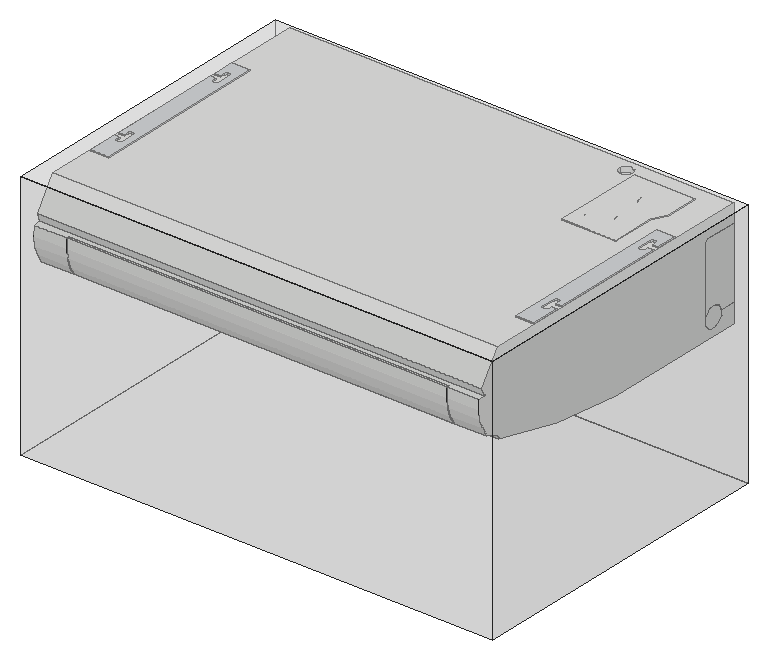
Revit family "outputfile", category 機械設備, Revit 2024
Family settings
  丸型コネクタ寸法 = 半径を使用
  パーツ タイプ = 標準
  OmniClass 番号 = 23.75.10.24.21.27.27
  OmniClass タイトル = Split System Air Conditioning Units
  作業面ベース = いいえ
  常に垂直 = はい
  ロード時にボイドで切り取り = いいえ
  注釈の向きを維持 = いいえ
  共有 = いいえ
  部屋計算ポイント = はい
Parameters (values of type "FHA60CAVMA")
  製造元 = "Daikin"
  書き出し IFC クラス(タイプ) = "IfcUnitaryEquipmentType"
  定義済み IFC タイプ(タイプ) = "AIRCONDITIONINGUNIT"
  モデル = "FHA60CAVMA"
  switch_frequency = yes
  r_Liquid Pipe Size = Liquid Pipe Size / 2  # 3.2 mm
  r_Gas Pipe Size = Gas Pipe Size / 2  # 6.35 mm
  r_Drain Pipe Size = Drain Pipe Size / 2  # 10.0 mm
  l_powersupply [instance] = if(Rear Right Connection_powersupply, 29.0 mm, 175.0 mm)  # 29.0 mm
  h_mountinghole = 2.0 mm
  connector_voltage = Voltage_50Hz  # 230 V
  connector_powerinput = [Power Input (Cooling)]  # 1.800 kW
  connector_phase = Phase_50Hz  # 1
  angle_vertical_powersupply [instance] = if(Rear Right Connection_powersupply, 90.00°, 180.00°)  # 90.00°
  angle_vertical_drainpipe [instance] = if(or(Left Connection_drainpipe, Right Connection_drainpipe), 90.00°, if(Top Connection_drainpipe, 180.00°, -90.00°))  # -90.00°
  angle_horizontal_powersupply [instance] = if(Rear Right Connection_powersupply, 180.00°, 0.00°)  # 180.00°
  angle_horizontal_drainpipe [instance] = if(Right Connection_drainpipe, 90.00°, if(Left Connection_drainpipe, -90.00°, 0.00°))  # 0.00°
  Voltage_comment_60Hz = "220-230"
  Voltage_comment_50Hz = "220-240"
  Voltage_60Hz = 220 V
  Voltage_50Hz = 230 V
  Total Heating Capacity [instance] = 0.000 kW
  Top Connection_refrigerant [instance] = no
  Top Connection_powersupply [instance] = not(Rear Right Connection_powersupply)  # no
  Right Connection_refrigerant [instance] = no
  Rear Right Connection_refrigerant [instance] = yes
  Power Input (Heating) = 2.090 kW
  Phase_60Hz = 1
  Phase_50Hz = 1
  Nominal Heating Capacity = 7.100 kW
  Material_Casing = DAIKIN_White_Casing_indoorunit
  lw_powersupply [instance] = if(Rear Right Connection_powersupply, 220.0 mm, 210.0 mm)  # 220.0 mm
  lw_mountinghole_pitch = Width - 40.0 mm  # 920.0 mm
  lw_mountinghole = 20.0 mm
  lw_liquidpipe [instance] = if(Right Connection_refrigerant, 156.0 mm, if(Top Connection_refrigerant, 156.0 mm, 136.0 mm))  # 136.0 mm
  lw_gaspipe = 105.0 mm
  lw_drainpipe [instance] = if(Top Connection_drainpipe, 102.0 mm, if(Width = 960.0 mm, if(or(Left Connection_drainpipe, Rear Left Connection_drainpipe), 884.0 mm, 83.0 mm), if(Width = 1270.0 mm, if(or(Left Connection_drainpipe, Rear Left Connection_drainpipe), 1194.0 mm, 83.0 mm), if(Width = 1590.0 mm, if(or(Left Connection_drainpipe, Rear Left Connection_drainpipe), 1514.0 mm, 83.0 mm), 83.0 mm))))  # 83.0 mm
  lh_powersupply = 175.0 mm
  lh_liquidpipe [instance] = if(Rear Right Connection_refrigerant, 160.0 mm, 131.0 mm)  # 160.0 mm
  lh_gaspipe [instance] = if(Rear Right Connection_refrigerant, 150.0 mm, 91.0 mm)  # 150.0 mm
  lh_drainpipe = 197.0 mm
  l_antena = 1.0 mm
  ld_powersupply = 30.0 mm
  ld_mountinghole_pitch = 260.0 mm
  ld_mountinghole = 210.0 mm
  ld_liquidpipe [instance] = if(Right Connection_refrigerant, 57.0 mm, if(Top Connection_refrigerant, 189.0 mm, 221.0 mm))  # 221.0 mm
  ld_gaspipe [instance] = if(Right Connection_refrigerant, 57.0 mm, if(Top Connection_refrigerant, 163.0 mm, 214.0 mm))  # 214.0 mm
  ld_drainpipe [instance] = if(or(Left Connection_drainpipe, Right Connection_drainpipe), 57.0 mm, if(Top Connection_drainpipe, 87.0 mm, 268.0 mm))  # 268.0 mm
  l_liquidpipe_length [instance] = if(Right Connection_refrigerant, 156.0 mm, if(Top Connection_refrigerant, 131.0 mm, 220.0 mm))  # 220.0 mm
  l_gaspipe_length [instance] = if(Right Connection_refrigerant, 105.0 mm, if(Top Connection_refrigerant, 91.0 mm, 213.0 mm))  # 213.0 mm
  l_drainpipe_length [instance] = if(Right Connection_drainpipe, 83.0 mm, if(Top Connection_drainpipe, 197.0 mm, if(Left Connection_drainpipe, 76.0 mm, 267.0 mm)))  # 267.0 mm
  h*** = 0.0 mm
  angle_vertical [instance] = if(Right Connection_refrigerant, 90.00°, if(Top Connection_refrigerant, 180.00°, -90.00°))  # -90.00°
  angle_horizontal [instance] = if(Right Connection_refrigerant, 90.00°, 0.00°)  # 0.00°
  Width = 960.0 mm
  Version = "ver.1.0"
  Unit Type = "Ceiling"
  Unit Mass Weight = 25.00 kg
  Unit Designation [instance] = ""
  Uniclass2015Version = "Products v1.30"
  Uniclass2015Title = "Split coil room air conditioning units"
  Uniclass2015Code = "Pr_70_65_03_86"
  Total Cooling Capacity [instance] = 0.000 kW
  Top Connection_drainpipe [instance] = no
  Sound Pressure Level_M speed (dBA) = 35
  Sound Pressure Level_L speed (dBA) = 32
  Sound Pressure Level_H speed (dBA) = 37
  Series = "SkyAir_Fan Coil Unit"
  Sensible Cooling Capacity [instance] = 0.000 kW
  Rear Right Connection_drainpipe [instance] = yes
  Rear Right Connection_powersupply [instance] = yes
  Right Connection_drainpipe [instance] = no
  Refrigerant Type = "R32"
  Power Input (Cooling) = 1.800 kW
  Option Accessory 3 [instance] = ""
  Option Accessory 2 [instance] = ""
  Option Accessory 1 [instance] = ""
  Nominal Cooling Capacity = 6.000 kW
  Minimum Airflow = 600.00 m³/h
  Median Airflow = 720.00 m³/h
  Maximum Airflow = 900.00 m³/h
  Load Classification = HVAC
  Liquid Pipe Size = 6.4 mm
  Link_Nested Family [instance] = ""
  Rear Left Connection_drainpipe [instance] = no
  Left Connection_drainpipe [instance] = no
  IfcVersion = ""
  IfcExportType = "AIRCONDITIONINGUNIT"
  IfcExportAs = "IfcUnitaryEquipmentType"
  Height = 235.0 mm
  Heating Entering Wet Bulb Temperature [instance] = -273.15 °C
  Heating Entering Dry Bulb Temperature [instance] = -273.15 °C
  Heating Ambient Wet Bulb Temperature [instance] = -273.15 °C
  Heating Ambient Dry Bulb Temperature [instance] = -273.15 °C
  Heat Exchanger Type = "Cross Fin Coil"
  Gas Pipe Size = 12.7 mm
  Frequency_60Hz = 60 Hz
  Frequency_50Hz = 50 Hz
  Fan Type = "Sirocco Fan"
  Fan Drive = "Direct Drive"
  FCU Tag No. [instance] = ""
  Drain Pipe Size = 20.0 mm
  Design Supply Airflow [instance] = 0.00 m³/h
  Design Outdoor Airflow [instance] = 0.00 m³/h
  Depth = 690.0 mm
  既定の高さ = 0.0 mm
  Cooling Entering Wet Bulb Temperature [instance] = 0.00 °C
  Cooling Entering Dry Bulb Temperature [instance] = 0.00 °C
  Cooling Ambient Wet Bulb Temperature [instance] = 0.00 °C
  Cooling Ambient Dry Bulb Temperature [instance] = 0.00 °C
  Clearance visibility [instance] = yes
  Clearance Top = 5.0 mm
  Clearance Right = 30.0 mm
  Clearance Rear = 0.0 mm
  Clearance Left = 30.0 mm
  Clearance Front = 0.0 mm
  Clearance Bottom = 300.0 mm
Reference planes
  plane 1 "Back": y = 0
  plane 2: z = 0
  plane 3 "Center (Left/Right)": x = 0
  plane 4 "Center (Front/Back)": y = -1
  plane 5 "Front": y = -690
  plane 6 "Left": x = -480
  plane 7 "Right": x = 480
  plane 8 "Top": z = 0
  plane 9 "Bottom": z = -235
  plane 10: y = -690
  plane 11: x = -510
  plane 12: x = 510
  plane 13: z = 5
  plane 14: z = -535
  plane 15: y = 0
  plane 16 "lw_mountinghole": x = -460
  plane 17 "lw_mountinghole2": x = 460
  plane 18 "ld_mountinghole": y = -210
  plane 19 "ld_mountinghole2": y = -470
  plane 20 "lw_gaspipe": x = 375
  plane 21 "ld_gaspipe": y = -214
  plane 22 "lh_gaspipe": z = -150
  plane 23 "lw_liquidpipe": x = 344
  plane 24 "ld_liquidpipe": y = -221
  plane 25 "lh_liquidpipe": z = -160
  plane 26 "ld_drainpipe": y = -268
  plane 27 "lw_drainpipe": x = 397
  plane 28 "lh_drainpipe": z = -197
  plane 29 "lw_powersupply": x = 260
  plane 30 "lh_powersupply": z = -175
  plane 31 "ld_powersupply": y = -30
  plane 32: x = -410.5
  plane 33: x = 410.5
  plane 34: x = -435
  plane 35: x = 435
  plane 36: x = -2
  plane 37: x = 2
Forms (mm)
  Extrusion 1, solid, material "DAIKIN_White_Casing_indoorunit" <- "Material_Casing"
    sketch origin (0, 0, 0) x (0, 1, 0) y (0, 0, 1)
      loop
        line (-639.277, 0) -> (-680.876, -61.699) -> (-675.026, -77.772)
        arc (-675.026, -77.772) -> (-681.815, -78.743) -> (-688.601, -79.732) r 2634.132
        arc (-688.601, -79.732) -> (-687.018, -121.096) -> (-669.159, -158.439) r 102.2
        line (-669.159, -158.439) -> (-639.858, -169.325) -> (-635.895, -178.261)
        arc (-635.895, -178.261) -> (-479.121, -215.759) -> (-319.077, -235) r 1400.997
        line (-319.077, -235) -> (-1, -235) -> (-1, 0) -> (-639.277, 0)
    from -480 to 480
  Extrusion 2, solid, material "DAIKIN_White_Casing_indoorunit" <- "Material_Casing"
    sketch origin (0, 0, 0) x (0, 1, 0) y (0, 0, 1)
      loop
        arc (-688.601, -79.732) -> (-687.018, -121.096) -> (-669.159, -158.439) r 102.2
        line (-669.159, -158.439) -> (-665.589, -154.869)
        arc (-665.589, -154.869) -> (-682.432, -118.783) -> (-683.39, -78.971) r 97.2
        arc (-683.39, -78.971) -> (-685.996, -79.351) -> (-688.601, -79.732) r 2634.132
    from -410.5 to 410.5
  Extrusion 3, void
    sketch origin (0, 0, 0) x (0, 1, 0) y (0, 0, 1)
      loop
        line (-301.098, -235) -> (-21.098, -235) -> (-21.098, -230) -> (-301.098, -230) -> (-301.098, -235)
    from -435 to 435
  Extrusion 4, solid, material "DAIKIN_White_Grille_indoorunit"
    sketch origin (0, 0, 0) x (0, 1, 0) y (0, 0, 1)
      loop
        line (-20.098, -230) -> (-301.098, -230) -> (-301.098, -235) -> (-20.098, -235) -> (-20.098, -230)
    from -435 to -2
  Extrusion 5, solid, material "DAIKIN_White_Casing_indoorunit" <- "Material_Casing"
    sketch origin (0, 0, 0) x (1, 0, 0) y (0, 0, 1)
      loop
        line (287, -63) -> (287, -178) -> (358, -220) -> (421, -220) -> (421, -63) -> (287, -63)
    from 0 to 1
  Extrusion 6, solid, material "DAIKIN_White_Casing_indoorunit" <- "Material_Casing"
    sketch origin (0, 0, 0) x (-1, 0, 0) y (0, -1, 0)
      loop
        line (-292, 35) -> (-292, 230) -> (-408, 230) -> (-408, 135) -> (-423, 105) -> (-423, 35) -> (-292, 35)
    from 0 to 1.9
  Extrusion 7, void
    sketch origin (480, 0, 0) x (0, 1, 0) y (0, 0, 1)
      loop
        arc (-79.5, -197) -> (-55.446, -219.446) -> (-34.715, -193.9) r 22.5
        line (-34.715, -193.9) -> (-1, -193.9) -> (-1, -192.1) -> (-35.04, -192.1)
        arc (-35.04, -192.1) -> (-54.942, -174.594) -> (-77.7, -188.182) r 22.5
        line (-77.7, -188.182) -> (-77.7, -45)
        arc (-77.7, -45) -> (-76.528, -42.172) -> (-73.7, -41) r 4
        line (-73.7, -41) -> (-1, -41) -> (-1, -39.2) -> (-73.7, -39.2)
        arc (-73.7, -39.2) -> (-77.801, -40.899) -> (-79.5, -45) r 5.8
        line (-79.5, -45) -> (-79.5, -197)
      loop
        circle (-57, -197) r 20.7
    from 0 to -10
  Extrusion 8, void
    sketch origin (-1444.026, -1, 1200) x (1, 0, 0) y (0, 0, 1)
      loop
        arc (1030.026, -1375) -> (1019.42, -1379.393) -> (1015.026, -1390) r 15
        line (1015.026, -1390) -> (1015.026, -1400)
        arc (1015.026, -1400) -> (1019.42, -1410.607) -> (1030.026, -1415) r 15
        line (1030.026, -1415) -> (1060.026, -1415)
        arc (1060.026, -1415) -> (1070.633, -1410.607) -> (1075.026, -1400) r 15
        line (1075.026, -1400) -> (1075.026, -1390)
        arc (1075.026, -1390) -> (1070.633, -1379.393) -> (1060.026, -1375) r 15
        line (1060.026, -1375) -> (1030.026, -1375)
    from 0 to 10
  Extrusion 9, void
    sketch origin (-480, 0, 0) x (0, 1, 0) y (0, 0, 1)
      loop
        circle (-57, -197) r 22.5
    from 0 to 10
  Extrusion 10, void
    sketch origin (-1444.026, -1, 1200) x (1, 0, 0) y (0, 0, 1)
      loop
        circle (1821.026, -1375) r 44
    from 0 to 10
  Extrusion 11, void
    sketch origin (0, 0, 0) x (-1, 0, 0) y (0, -1, 0)
      loop
        circle (-378, 87) r 30
    from 0 to -10
  Extrusion 12, void
    sketch origin (0, 0, 0) x (-1, 0, 0) y (0, -1, 0)
      loop
        circle (-375, 163) r 18
    from 0 to -10
  Extrusion 13, void
    sketch origin (0, 0, 0) x (-1, 0, 0) y (0, -1, 0)
      loop
        circle (-324, 189) r 13
    from 0 to -10
  Extrusion 14, void
    sketch origin (-1444.026, -1, 1200) x (1, 0, 0) y (0, 0, 1)
      loop
        circle (1704.026, -1375) r 14.5
    from 0 to 10
  Extrusion 15, void
    sketch origin (0, 0, 0) x (-1, 0, 0) y (0, -1, 0)
      loop
        circle (-270, 30) r 14.5
    from 0 to -10
  Extrusion 16, void
    sketch origin (480, 0, 0) x (0, 1, 0) y (0, 0, 1)
      loop
        arc (-665.589, -154.869) -> (-682.432, -118.783) -> (-683.39, -78.971) r 97.2
        arc (-683.39, -78.971) -> (-685.996, -79.351) -> (-688.601, -79.732) r 2634.132
        arc (-688.601, -79.732) -> (-687.018, -121.096) -> (-669.159, -158.439) r 102.2
        line (-669.159, -158.439) -> (-665.589, -154.869)
    from -69.5 to -890.5
  Extrusion 17, solid, material "DAIKIN_White_Casing_indoorunit" <- "Material_Casing"
    sketch origin (-480, 0, 0) x (0, 1, 0) y (0, 0, 1)
      loop
        circle (-57, -197) r 22.5
    from 0 to 10
  Extrusion 18, solid, material "DAIKIN_White_Grille_indoorunit"
    sketch origin (780, 0, 0) x (0, 1, 0) y (0, 0, 1)
      loop
        line (-20.098, -230) -> (-301.098, -230) -> (-301.098, -235) -> (-20.098, -235) -> (-20.098, -230)
    from -782 to -778
  Extrusion 19, solid, material "DAIKIN_White_Grille_indoorunit"
    sketch origin (0, 0, 0) x (0, 1, 0) y (0, 0, -1)
      loop
        line (-20.098, 230) -> (-20.098, 235) -> (-301.098, 235) -> (-301.098, 230) -> (-20.098, 230)
    from -435 to -2
Cuts and joins
  Extrusion 3, Extrusion 7, Extrusion 8, Extrusion 9, Extrusion 10, Extrusion 11, Extrusion 12, Extrusion 13, Extrusion 14, Extrusion 15, Extrusion 16 cuts Extrusion 1
Lines and regions (mm)
  reference lines
    curve 1: line (480, -580.282, -192.75) -> (480, -551.225, -200.21)
Dimensions and locks
  equal spacing: plane 6 "Left", plane 3 "Center (Left/Right)", plane 7 "Right"
  "Width": plane 6 "Left" to plane 7 "Right"
  "Depth": plane 5 "Front" to plane 1 "Back"
  "Height": plane 8 "Top" to plane 9 "Bottom"
  "Clearance Front": plane 10 to plane 5 "Front"
  "Clearance Left": plane 11 to plane 6 "Left"
  "Clearance Right": plane 7 "Right" to plane 12
  "Clearance Top": plane 13 to plane 8 "Top"
  "Clearance Bottom": plane 9 "Bottom" to plane 14
  "Clearance Rear": plane 1 "Back" to plane 15
  locked: plane 4 "Center (Front/Back)" to plane 1 "Back" at 1
  locked: Extrusion 1 sketch curve to Extrusion 1 sketch curve at 235
  locked: Extrusion 1 sketch curve to Extrusion 1 sketch curve at 318.077
  locked: Extrusion 1 sketch curve to Extrusion 1 sketch curve at 1163.297
  locked: Extrusion 1 sketch curve to Extrusion 1 sketch curve at 231.144
  Extrusion 3 sketch curve to Extrusion 3 sketch curve to plane 1 "Back" = 280.0 mm locked, 21.098 mm locked
  "ld_mountinghole": plane 18 "ld_mountinghole" to plane 1 "Back"
  "ld_mountinghole_pitch": plane 18 "ld_mountinghole" to plane 19 "ld_mountinghole2"
  "lw_mountinghole_pitch": plane 16 "lw_mountinghole" to plane 17 "lw_mountinghole2"
  "lw_mountinghole": plane 6 "Left" to plane 16 "lw_mountinghole"
  "lw_gaspipe": plane 20 "lw_gaspipe" to plane 7 "Right"
  "ld_gaspipe": plane 1 "Back" to plane 21 "ld_gaspipe"
  "lw_liquidpipe": plane 23 "lw_liquidpipe" to plane 7 "Right"
  "ld_liquidpipe": plane 1 "Back" to plane 24 "ld_liquidpipe"
  "lw_drainpipe": plane 27 "lw_drainpipe" to plane 7 "Right"
  "ld_drainpipe": plane 26 "ld_drainpipe" to plane 1 "Back"
  plane 8 "Top" to Extrusion 5 sketch curve to Extrusion 5 sketch curve = 63.0 mm locked, 157.0 mm locked
  plane 7 "Right" to Extrusion 5 sketch curve to Extrusion 5 sketch curve = 59.0 mm locked, 134.0 mm locked
  locked: Extrusion 5 sketch curve to Extrusion 5 sketch curve at 115
  locked: Extrusion 5 sketch curve to Extrusion 5 sketch curve at 63
  locked: Extrusion 6 sketch curve to Extrusion 6 sketch curve at 195
  locked: Extrusion 6 sketch curve to Extrusion 6 sketch curve at 116
  locked: Extrusion 6 sketch curve to Extrusion 6 sketch curve at 131
  locked: Extrusion 6 sketch curve to Extrusion 6 sketch curve at 100
  locked: Extrusion 6 sketch curve to plane 1 "Back" at 35
  locked: Extrusion 6 sketch curve to plane 7 "Right" at 57
  locked: Extrusion 8 sketch curve to Extrusion 8 sketch curve at 40
  locked: Extrusion 8 sketch curve to Extrusion 8 sketch curve at 60
  locked: plane 8 "Top" to Extrusion 8 sketch curve at 175
  locked: Extrusion 8 sketch curve to plane 6 "Left" at 51
  locked: plane 7 "Right" to Extrusion 10 sketch curve at 103
  locked: plane 8 "Top" to Extrusion 10 sketch curve at 175
  locked: Extrusion 11 sketch curve to plane 1 "Back" at 87
  locked: Extrusion 11 sketch curve to plane 7 "Right" at 102
  locked: Extrusion 12 sketch curve to plane 1 "Back" at 163
  locked: Extrusion 12 sketch curve to plane 7 "Right" at 105
  locked: Extrusion 13 sketch curve to plane 1 "Back" at 189
  locked: Extrusion 13 sketch curve to plane 7 "Right" at 156
  "lw_powersupply": plane 29 "lw_powersupply" to plane 7 "Right"
  "lh_gaspipe": plane 8 "Top" to plane 22 "lh_gaspipe"
  "lh_liquidpipe": plane 8 "Top" to plane 25 "lh_liquidpipe"
  "lh_powersupply": plane 8 "Top" to plane 30 "lh_powersupply"
  "lh_drainpipe": plane 8 "Top" to plane 28 "lh_drainpipe"
  "ld_powersupply": plane 1 "Back" to plane 31 "ld_powersupply"
  locked: plane 8 "Top" to Extrusion 7 sketch curve at 197
  locked: Extrusion 7 sketch curve to plane 1 "Back" at 57
  locked: plane 9 "Bottom" to Extrusion 7 sketch curve at 41.1
  locked: Extrusion 7 sketch curve to plane 8 "Top" at 41
  locked: Extrusion 7 sketch curve to plane 1 "Back" at 79.5
  locked: Extrusion 9 sketch curve to plane 1 "Back" at 57
  locked: plane 8 "Top" to Extrusion 9 sketch curve at 197
  locked: Extrusion 17 sketch curve to plane 1 "Back" at 57
  locked: plane 8 "Top" to Extrusion 17 sketch curve at 197
  locked: plane 7 "Right" to Extrusion 14 sketch curve at 220
  locked: plane 8 "Top" to Extrusion 14 sketch curve at 175
  locked: Extrusion 15 sketch curve to plane 7 "Right" at 210
  locked: Extrusion 15 sketch curve to plane 1 "Back" at 30
  locked: curve 1 to plane 9 "Bottom" at 34.79
  locked: curve 1 to plane 9 "Bottom" at 42.25
  locked: plane 6 "Left" to plane 32 at 69.5
  locked: plane 33 to plane 7 "Right" at 69.5
  locked: plane 35 to plane 7 "Right" at 45
  locked: plane 6 "Left" to plane 34 at 45
  plane 36 to plane 3 "Center (Left/Right)" to plane 37 = 2.0 mm locked, 2.0 mm locked
  locked: curve 1 to plane 9 "Bottom" (angle 14.40°)
  aligned and locked: level to plane 2
  aligned and locked: nested 1 to plane 11
  aligned and locked: nested 1 to plane 12
  aligned and locked: nested 1 to plane 10
  aligned and locked: plane 13 to nested 1
  aligned and locked: plane 14 to nested 1
  aligned and locked: plane 15 to nested 1
  aligned and locked: Extrusion 1 sketch curve to plane 8 "Top"
  aligned and locked: Extrusion 2 sketch curve to Extrusion 1  (x2)
  aligned and locked: plane 7 "Right" to Extrusion 1
  aligned and locked: Extrusion 1 to plane 6 "Left"
  aligned and locked: cut or joined group 1 (Extrusion 1, Extrusion 3, Extrusion 7, Extrusion 8, Extrusion 9, Extrusion 10, Extrusion 11, Extrusion 12, Extrusion 13, Extrusion 14, Extrusion 15, Extrusion 16) to Extrusion 3 sketch curve
  aligned and locked: cut or joined group 1 to Extrusion 4 sketch curve
  aligned and locked: Extrusion 5 to plane 4 "Center (Front/Back)"
  aligned and locked: Extrusion 7 sketch curve to plane 4 "Center (Front/Back)"
  aligned and locked: Extrusion 16 sketch curve to Extrusion 2  (x4)
  aligned and locked: Extrusion 16 to Extrusion 2  (x2)
  aligned and locked: nested 2 to plane 26 "ld_drainpipe"
  aligned and locked: plane 27 "lw_drainpipe" to nested 2
  aligned and locked: plane 20 "lw_gaspipe" to nested 3
  aligned and locked: nested 3 to plane 21 "ld_gaspipe"
  aligned and locked: plane 23 "lw_liquidpipe" to nested 4
  aligned and locked: nested 4 to plane 24 "ld_liquidpipe"
  aligned and locked: plane 25 "lh_liquidpipe" to nested 4
  aligned and locked: nested 5 to plane 31 "ld_powersupply"
  aligned and locked: plane 29 "lw_powersupply" to nested 5
  aligned and locked: nested 7 to plane 18 "ld_mountinghole"
  aligned and locked: plane 16 "lw_mountinghole" to nested 7
  aligned and locked: nested 6 to plane 19 "ld_mountinghole2"
  aligned and locked: plane 16 "lw_mountinghole" to nested 6
  aligned and locked: nested 9 to plane 18 "ld_mountinghole"
  aligned and locked: plane 17 "lw_mountinghole2" to nested 9
  aligned and locked: plane 17 "lw_mountinghole2" to nested 8
  aligned and locked: nested 8 to plane 19 "ld_mountinghole2"
  aligned and locked: nested 10 to curve 1
  aligned and locked: level to plane 8 "Top"
  aligned and locked: cut or joined group 1 to plane 32
  aligned and locked: plane 33 to cut or joined group 1
  aligned and locked: Extrusion 16 to plane 32
  aligned and locked: plane 33 to Extrusion 16
  aligned and locked: Extrusion 4 to plane 34
  aligned and locked: cut or joined group 1 to plane 34
  aligned and locked: plane 34 to Extrusion 4  (x3)
  aligned and locked: plane 16 "lw_mountinghole" to nested 11
  aligned and locked: plane 17 "lw_mountinghole2" to nested 12
  aligned and locked: plane 36 to Extrusion 4
  aligned and locked: Extrusion 18 to plane 36
  aligned and locked: plane 37 to Extrusion 18
  aligned and locked: Extrusion 19 to plane 37
  aligned and locked: plane 37 to Extrusion 19
  aligned and locked: plane 35 to Extrusion 19
  aligned and locked: plane 35 to Extrusion 3
  aligned and locked: Extrusion 4 to cut or joined group 1
  aligned and locked: cut or joined group 1 to Extrusion 18
  aligned and locked: cut or joined group 1 to Extrusion 19
Automatic sketch dimensions
  Extrusion 1 sketch curve to plane 4 "Center (Front/Back)" = 0.0 mm
  Extrusion 1 sketch curve to plane 5 "Front" = 102.2 mm
  Extrusion 1 sketch curve to plane 30 "lh_powersupply" = 3.261 mm
  Extrusion 1 sketch curve to plane 5 "Front" = 50.723 mm
  plane 30 "lh_powersupply" to Extrusion 1 sketch curve = 5.675 mm
  Extrusion 1 sketch curve to Extrusion 1 sketch curve = 3.963 mm
  plane 25 "lh_liquidpipe" to Extrusion 1 sketch curve = 1.561 mm
  Extrusion 1 sketch curve to plane 5 "Front" = 20.841 mm
  Extrusion 1 sketch curve to plane 5 "Front" = 14.974 mm
  Extrusion 1 sketch curve to plane 5 "Front" = 9.124 mm
  Extrusion 1 sketch curve to plane 26 "ld_drainpipe" = 37.278 mm
  Extrusion 1 sketch curve to plane 14 = 2150.825 mm
  plane 22 "lh_gaspipe" to Extrusion 1 sketch curve = 53.413 mm
  Extrusion 1 sketch curve to level = 77.772 mm
  Extrusion 1 sketch curve to Extrusion 1 sketch curve = 16.072 mm
  Extrusion 2 sketch curve to Extrusion 2 sketch curve = 0.0 mm  (x2)
  plane 25 "lh_liquidpipe" to Extrusion 2 sketch curve = 1.561 mm
  Extrusion 2 sketch curve to plane 22 "lh_gaspipe" = 4.869 mm
  Extrusion 2 sketch curve to Extrusion 2 sketch curve = 3.57 mm
  Extrusion 3 sketch curve to Extrusion 3 sketch curve = 5.0 mm
  plane 31 "ld_powersupply" to Extrusion 4 sketch curve = 9.902 mm
  Extrusion 4 sketch curve to Extrusion 4 sketch curve = 5.0 mm
  Extrusion 6 sketch curve to Extrusion 6 sketch curve = 30.0 mm
  Extrusion 7 sketch curve to Extrusion 7 sketch curve = 0.0 mm  (x6)
  Extrusion 7 sketch curve to plane 4 "Center (Front/Back)" = 0.0 mm
  Extrusion 7 sketch curve to Extrusion 7 sketch curve = 1.8 mm  (x2)
  Extrusion 7 sketch curve to Extrusion 7 sketch curve = 4.0 mm
  Extrusion 7 sketch curve to Extrusion 7 sketch curve = 0.325 mm
  Extrusion 8 sketch curve to plane 32 = 3.5 mm  (x2)
  Extrusion 8 sketch curve to plane 28 "lh_drainpipe" = 3.0 mm
  Extrusion 8 sketch curve to Extrusion 8 sketch curve = 15.0 mm
  curve 1 to plane 5 "Front" = 109.718 mm
  Extrusion 18 sketch curve to plane 9 "Bottom" = 0.0 mm
  plane 9 "Bottom" to Extrusion 18 sketch curve = 5.0 mm
  Extrusion 18 sketch curve to plane 26 "ld_drainpipe" = 33.098 mm
  plane 31 "ld_powersupply" to Extrusion 18 sketch curve = 9.902 mm
  Extrusion 19 sketch curve to plane 9 "Bottom" = 0.0 mm
  plane 9 "Bottom" to Extrusion 19 sketch curve = 5.0 mm
  Extrusion 19 sketch curve to plane 26 "ld_drainpipe" = 33.098 mm
  plane 31 "ld_powersupply" to Extrusion 19 sketch curve = 9.902 mm
  Extrusion 4 sketch curve to plane 26 "ld_drainpipe" = 33.098 mm
  radius of Extrusion 7 sketch curve = 20.7 mm
  radius of Extrusion 9 sketch curve = 22.5 mm
  radius of Extrusion 10 sketch curve = 44.0 mm
  radius of Extrusion 11 sketch curve = 30.0 mm
  radius of Extrusion 12 sketch curve = 18.0 mm
  radius of Extrusion 13 sketch curve = 13.0 mm
  radius of Extrusion 14 sketch curve = 14.5 mm
  radius of Extrusion 15 sketch curve = 14.5 mm
  radius of Extrusion 17 sketch curve = 22.5 mm
Nested families
  nested 1: "daikin_clearancespace" at (0, -345, -264.881), visible <- "Clearance visibility", show <- "Clearance visibility", Link_Nested Family <- "Link_Nested Family", type "daikin_clearancespace"
    with width 1020.0 mm, show yes, height 540.0 mm, depth 690.0 mm, Link_Nested Family ""
  nested 2: "daikin_connector_rotate3" at (397, -268, -197), radius <- "r_Drain Pipe Size", angle_vertical <- "angle_vertical_drainpipe", angle_horizontal <- "angle_horizontal_drainpipe", length <- "l_drainpipe_length", type "daikin_connector_rotate3"
    with show no, radius 10.0 mm, length 267.0 mm, angle_vertical -90.00°, angle_horizontal 0.00°
  nested 3: "daikin_connector_rotate3" at (375, -214, -150), radius <- "r_Gas Pipe Size", angle_vertical <- "angle_vertical", angle_horizontal <- "angle_horizontal", length <- "l_gaspipe_length", type "daikin_connector_rotate3"
    with show no, radius 6.35 mm, length 213.0 mm, angle_vertical -90.00°, angle_horizontal 0.00°
  nested 4: "daikin_connector_rotate3" at (344, -221, -160), radius <- "r_Liquid Pipe Size", angle_vertical <- "angle_vertical", angle_horizontal <- "angle_horizontal", length <- "l_liquidpipe_length", type "daikin_connector_rotate3"
    with show no, radius 3.2 mm, length 220.0 mm, angle_vertical -90.00°, angle_horizontal 0.00°
  nested 5: "daikin_connector_rotate3" at (260, -30, -175), length <- "l_powersupply", angle_vertical <- "angle_vertical_powersupply", angle_horizontal <- "angle_horizontal_powersupply", type "daikin_connector_rotate3"
    with show no, radius 10.0 mm, length 29.0 mm, angle_vertical 90.00°, angle_horizontal 180.00°
  nested 6: "daikin_mountinghole" at (-460, -470, 0), l_antenna <- "l_antena", Link_Nested Family <- "Link_Nested Family", h_mountinghole <- "h_mountinghole", type "daikin_mountinghole"
    with show yes, l_antenna 1.0 mm, h_mountinghole 2.0 mm, Link_Nested Family ""
  nested 7: "daikin_mountinghole" at (-460, -210, 0), l_antenna <- "l_antena", Link_Nested Family <- "Link_Nested Family", h_mountinghole <- "h_mountinghole", type "daikin_mountinghole"
    with show yes, l_antenna 1.0 mm, h_mountinghole 2.0 mm, Link_Nested Family ""
  nested 8: "daikin_mountinghole" at (460, -470, 0), l_antenna <- "l_antena", Link_Nested Family <- "Link_Nested Family", h_mountinghole <- "h_mountinghole", type "daikin_mountinghole"
    with show yes, l_antenna 1.0 mm, h_mountinghole 2.0 mm, Link_Nested Family ""
  nested 9: "daikin_mountinghole" at (460, -210, 0), Link_Nested Family <- "Link_Nested Family", l_antenna <- "l_antena", h_mountinghole <- "h_mountinghole", type "daikin_mountinghole"
    with show yes, l_antenna 1.0 mm, h_mountinghole 2.0 mm, Link_Nested Family ""
  nested 10: "daikin_logo_plane_w40" at (332.963, -559.801, -198.008) x (1, 0, 0) z (0, -0.2487, -0.9686), type "daikin_logo_plane_w40"
    with show_logo yes
  nested 11: "daikin_hangerfixture_FHA-CAVMA" at (-460, 0, 0), type "daikin_hangerfixture_FHA-CAVMA"
    with width 38.0 mm, height 2.0 mm, depth 380.0 mm
  nested 12: "daikin_hangerfixture_FHA-CAVMA" at (460, 0, 0) x (-1, 0, 0) z (0, 0, 1), type "daikin_hangerfixture_FHA-CAVMA"
    with width 38.0 mm, height 2.0 mm, depth 380.0 mm
Connectors
  piping at (397, -1, -197), diameter 20, driven by "r_Drain Pipe Size"
    settings: on nested 2, index 1, connector inside diameter 609.6 mm, connector length 0.0 mm, flow factor 0, pipe flow 0.00 m³/h, pressure drop 0.0 Pa, fitting loss kfactor 0, connector angle 0.00°, fixture units 0, engagement length 0.0 mm, angle of deflection 0.00°, flow configuration 1, flow direction 2, fitting loss method 4, system type 16, joint type 0, gender type 0, connector reference index -1, connector utility 0, adjustable connector no, is connector primary yes, connector description "Condensate Drain Piping"
  piping at (375, -1, -150), diameter 12.7, driven by "r_Gas Pipe Size"
    settings: on nested 3, index 3, connector inside diameter 609.6 mm, connector length 0.0 mm, flow factor 0, pipe flow 0.00 m³/h, pressure drop 0.0 Pa, fitting loss kfactor 0, connector angle 0.00°, fixture units 0, engagement length 0.0 mm, angle of deflection 0.00°, flow configuration 1, flow direction 2, fitting loss method 0, system type 29, joint type 0, gender type 0, connector reference index -1, connector utility 0, adjustable connector no, is connector primary no, connector description "Refrigerant Gas Piping"
  piping at (344, -1, -160), diameter 6.4, driven by "r_Liquid Pipe Size"
    settings: on nested 4, index 4, connector inside diameter 609.6 mm, connector length 0.0 mm, flow factor 0, pipe flow 0.00 m³/h, pressure drop 0.0 Pa, fitting loss kfactor 0, connector angle 0.00°, fixture units 0, engagement length 0.0 mm, angle of deflection 0.00°, flow configuration 1, flow direction 1, fitting loss method 0, system type 29, joint type 0, gender type 0, connector reference index -1, connector utility 0, adjustable connector no, is connector primary no, connector description "Refrigerant Liquid Piping"
  electrical at (260, -1, -175), driven by "Load Classification", driven by "connector_powerinput", driven by "connector_phase", driven by "connector_voltage"
    settings: on nested 5, index 6, voltage 230 V, apparent load 1800 VA, apparent load phase1 0 VA, apparent load phase2 0 VA, apparent load phase3 0 VA, power factor 1, load classification "HVAC", number of poles 1, system type 30, power factor state 1, is connector primary yes, connector utility no, sub classification motor no, connector description "Power Supply"
Definition of nested family "daikin_clearancespace"
  Parameters (values of type "daikin_clearancespace")
    Description = "daikin_clearancespace"
    width [instance] = 1823.963 mm
    show [instance] = yes
    material = none
    height [instance] = 1359.762 mm
    depth [instance] = 880.0 mm
    Default Elevation = 0.0 mm
    Link_Nested Family [instance] = ""
  Reference planes
    plane 1 "Center (Front/Back)": y = 0
    plane 2 "Center (Elevation)": z = -0.119
    plane 3 "Center (Left/Right)": x = 0
    plane 4: y = 440
    plane 5: y = -440
    plane 6 "Right": x = 911.982
    plane 7 "Left": x = -911.982
    plane 8 "Top": z = 679.762
    plane 9 "Bottom": z = -680
  Forms (mm)
    Extrusion 1, solid, material <- "material", visible <- "show"
      sketch origin (0, 0, 0) x (1, 0, 0) y (0, 1, 0)
        loop
          line (-911.982, 440) -> (-911.982, -440) -> (911.982, -440) -> (911.982, 440) -> (-911.982, 440)
      from -680 to 679.762
  Lines and regions (mm)
    symbolic lines, visible <- "show"
      curve 1: line (911.982, 440, 0) -> (-911.982, 440, 0)
      curve 2: line (-911.982, 440, 0) -> (-911.982, -440, 0)
      curve 3: line (-911.982, -440, 0) -> (911.982, -440, 0)
      curve 4: line (911.982, -440, 0) -> (911.982, 440, 0)
      curve 5: line (911.982, 0, 679.762) -> (-911.982, 0, 679.762)
      curve 6: line (911.982, 0, -680) -> (911.982, 0, 679.762)
      curve 7: line (-911.982, 0, -680) -> (911.982, 0, -680)
      curve 8: line (-911.982, 0, 679.762) -> (-911.982, 0, -680)
      curve 9: line (0, 440, 679.762) -> (0, -440, 679.762)
      curve 10: line (0, -440, 679.762) -> (0, -440, -680)
      curve 11: line (0, 440, -680) -> (0, 440, 679.762)
      curve 12: line (0, -440, -680) -> (0, 440, -680)
  Dimensions and locks
    "width": plane 7 "Left" to plane 6 "Right"
    "depth": plane 4 to plane 5
    "height": plane 8 "Top" to plane 9 "Bottom"
    equal spacing: plane 7 "Left", plane 3 "Center (Left/Right)", plane 6 "Right"
    equal spacing: plane 4, plane 1 "Center (Front/Back)", plane 5
    equal spacing: plane 8 "Top", plane 2 "Center (Elevation)", plane 9 "Bottom"
    aligned and locked: level to plane 2 "Center (Elevation)"
    aligned and locked: Extrusion 1 sketch curve to plane 4
    aligned and locked: plane 7 "Left" to Extrusion 1 sketch curve
    aligned and locked: Extrusion 1 sketch curve to plane 5
    aligned and locked: Extrusion 1 sketch curve to plane 6 "Right"
    aligned and locked: plane 8 "Top" to Extrusion 1
    aligned and locked: curve 1 to Extrusion 1
    aligned and locked: curve 2 to Extrusion 1
    aligned and locked: curve 3 to Extrusion 1
    aligned and locked: curve 4 to Extrusion 1
    aligned and locked: curve 5 to Extrusion 1
    aligned and locked: curve 6 to Extrusion 1
    aligned and locked: curve 7 to Extrusion 1
    aligned and locked: curve 8 to Extrusion 1
    aligned and locked: curve 9 to Extrusion 1
    aligned and locked: curve 10 to Extrusion 1
    aligned and locked: curve 11 to Extrusion 1
    aligned and locked: curve 12 to Extrusion 1
    aligned and locked: Extrusion 1 to plane 9 "Bottom"
Definition of nested family "daikin_logo_plane_w40"
  Parameters (values of type "daikin_logo_plane_w40")
    width = 40.0 mm
    show_logo [instance] = yes
    material = none
    height = 0.0 mm
    depth = 0.0 mm
    Default Elevation = 1219.2 mm
  Reference planes
    plane 1 "Center (Front/Back)": y = 0
    plane 2: z = 0
    plane 3 "Center (Left/Right)": x = 0
    plane 4: z = 2
    plane 5 "left": x = -19
    plane 6: x = 19
  Forms (mm)
    Extrusion 1, solid, visible <- "show_logo"
      sketch origin (-19, 0, 0) x (1, 0, 0) y (0, 1, 0)
        loop
          line (8.902, -1.878) -> (7.789, -6.332) -> (11.13, -6.332)
          arc (11.13, -6.332) -> (12.454, -6.064) -> (13.472, -5.176) r 2.642
          arc (13.472, -5.176) -> (13.92, -4.02) -> (13.767, -2.79) r 2.537
          arc (13.767, -2.79) -> (13.452, -2.342) -> (12.982, -2.06) r 1.321
          arc (12.982, -2.06) -> (12.063, -1.902) -> (11.13, -1.878) r 6.479
          line (11.13, -1.878) -> (8.902, -1.878)
        loop
          line (10.016, -5.441) -> (10.907, -5.441)
          arc (10.907, -5.441) -> (11.591, -4.983) -> (11.988, -4.261) r 1.742
          spline (11.988, -4.261) -> (12.01, -4.155) -> (12.027, -4.03) -> (12.037, -3.893) -> (12.037, -3.747) -> (12.026, -3.598) -> (12.002, -3.451) -> (11.962, -3.31) -> (11.905, -3.181) -> (11.829, -3.069) -> (11.731, -2.978) -> (11.61, -2.913) -> (11.464, -2.88)
          line (11.464, -2.88) -> (10.573, -2.88) -> (10.016, -5.441)
        loop
          line (13.58, -6.332) -> (14.805, -6.332) -> (15.223, -5.553) -> (16.977, -5.553) -> (17.144, -6.332) -> (19.149, -6.332) -> (18.258, -1.878) -> (16.03, -1.878) -> (13.58, -6.332)
        loop
          line (16.476, -3.214) -> (15.76, -4.551) -> (16.762, -4.551) -> (16.476, -3.214)
        loop
          line (19.705, -6.332) -> (21.599, -6.332) -> (22.712, -1.878) -> (20.819, -1.878) -> (19.705, -6.332)
        loop
          line (22.712, -6.332) -> (24.606, -6.332) -> (24.908, -5.122) -> (25.831, -6.332) -> (28.17, -6.332) -> (26.388, -3.994) -> (28.949, -1.878) -> (26.945, -1.878) -> (25.401, -3.153) -> (25.719, -1.878) -> (23.826, -1.878) -> (22.712, -6.332)
        loop
          line (29.84, -1.878) -> (28.615, -6.332) -> (30.62, -6.332) -> (31.734, -1.878) -> (29.84, -1.878)
        loop
          line (31.734, -6.332) -> (33.07, -6.332) -> (33.7, -3.814) -> (34.518, -6.332) -> (36.745, -6.332) -> (37.859, -1.878) -> (36.523, -1.878) -> (35.845, -4.589) -> (34.963, -1.878) -> (32.847, -1.878) -> (31.734, -6.332)
      from 0 to 2
    Extrusion 2, solid, visible <- "show_logo"
      sketch origin (-19, 0, 0) x (1, 0, 0) y (0, 1, 0)
        loop
          line (8.7, 0) -> (4.235, 0) -> (0, -3.879) -> (0, -8) -> (8.7, 0)
      from 0 to 2
    Extrusion 3, solid, visible <- "show_logo"
      sketch origin (-19, 0, 0) x (1, 0, 0) y (0, 1, 0)
        loop
          line (0, 0) -> (0, -3.879) -> (4.235, 0) -> (0, 0)
      from 0 to 2
  Dimensions and locks
    plane 4 to plane 2 = 2.0 mm
    equal spacing: plane 5 "left", plane 3 "Center (Left/Right)", plane 6
    locked: plane 5 "left" to plane 6 at 38
    aligned and locked: level to plane 2
    aligned and locked: Extrusion 3 to plane 1 "Center (Front/Back)"  (x2)
    aligned and locked: Extrusion 2 to plane 1 "Center (Front/Back)"  (x2)
    aligned and locked: plane 4 to Extrusion 1
    aligned and locked: plane 4 to Extrusion 3
    aligned and locked: plane 4 to Extrusion 2
    aligned and locked: Extrusion 3 to plane 5 "left"
    aligned and locked: Extrusion 2 to plane 5 "left"
  Automatic sketch dimensions
    Extrusion 1 sketch curve to Extrusion 1 sketch curve = 0.901 mm
    Extrusion 1 sketch curve to Extrusion 1 sketch curve = 1.559 mm
    Extrusion 1 sketch curve to Extrusion 1 sketch curve = 1.327 mm
    Extrusion 1 sketch curve to Extrusion 1 sketch curve = 2.145 mm
    Extrusion 1 sketch curve to Extrusion 1 sketch curve = 1.448 mm
    Extrusion 1 sketch curve to Extrusion 1 sketch curve = 2.116 mm
    Extrusion 1 sketch curve to Extrusion 1 sketch curve = 1.114 mm  (x4)
    Extrusion 1 sketch curve to Extrusion 1 sketch curve = 1.336 mm  (x2)
    plane 1 "Center (Front/Back)" to Extrusion 1 sketch curve = 1.878 mm  (x5)
    Extrusion 1 sketch curve to Extrusion 1 sketch curve = 1.893 mm  (x5)
    Extrusion 1 sketch curve to Extrusion 1 sketch curve = 0.891 mm  (x4)
    Extrusion 1 sketch curve to Extrusion 1 sketch curve = 2.005 mm  (x3)
    Extrusion 1 sketch curve to Extrusion 1 sketch curve = 0.445 mm  (x2)
    plane 1 "Center (Front/Back)" to Extrusion 1 sketch curve = 3.994 mm
    Extrusion 1 sketch curve to Extrusion 1 sketch curve = 0.557 mm  (x2)
    Extrusion 1 sketch curve to Extrusion 1 sketch curve = 2.339 mm  (x2)
    Extrusion 1 sketch curve to Extrusion 1 sketch curve = 1.225 mm  (x3)
    plane 1 "Center (Front/Back)" to Extrusion 1 sketch curve = 3.153 mm
    Extrusion 1 sketch curve to Extrusion 1 sketch curve = 0.987 mm
    plane 1 "Center (Front/Back)" to Extrusion 1 sketch curve = 5.122 mm
    Extrusion 1 sketch curve to Extrusion 1 sketch curve = 0.922 mm
    plane 1 "Center (Front/Back)" to Extrusion 1 sketch curve = 6.332 mm
    Extrusion 1 sketch curve to Extrusion 1 sketch curve = 2.562 mm
    plane 1 "Center (Front/Back)" to Extrusion 1 sketch curve = 5.553 mm
    Extrusion 1 sketch curve to Extrusion 1 sketch curve = 0.167 mm
    Extrusion 1 sketch curve to Extrusion 1 sketch curve = 0.215 mm
    plane 1 "Center (Front/Back)" to Extrusion 1 sketch curve = 3.214 mm
    Extrusion 1 sketch curve to Extrusion 1 sketch curve = 0.286 mm
    plane 1 "Center (Front/Back)" to Extrusion 1 sketch curve = 4.551 mm
    Extrusion 1 sketch curve to Extrusion 1 sketch curve = 1.002 mm
    Extrusion 1 sketch curve to Extrusion 1 sketch curve = 0.537 mm
    Extrusion 1 sketch curve to Extrusion 1 sketch curve = 0.418 mm
    Extrusion 1 sketch curve to Extrusion 1 sketch curve = 1.028 mm
    plane 1 "Center (Front/Back)" to Extrusion 1 sketch curve = 4.261 mm
    Extrusion 1 sketch curve to Extrusion 1 sketch curve = 0.563 mm
    plane 1 "Center (Front/Back)" to Extrusion 1 sketch curve = 2.88 mm
    Extrusion 1 sketch curve to Extrusion 1 sketch curve = 1.088 mm
    Extrusion 1 sketch curve to Extrusion 1 sketch curve = 2.152 mm
    Extrusion 1 sketch curve to Extrusion 1 sketch curve = 0.586 mm
    Extrusion 1 sketch curve to Extrusion 1 sketch curve = 0.118 mm
    Extrusion 1 sketch curve to Extrusion 1 sketch curve = 0.298 mm
    Extrusion 1 sketch curve to Extrusion 1 sketch curve = 0.334 mm
    Extrusion 1 sketch curve to Extrusion 1 sketch curve = 0.223 mm
    Extrusion 1 sketch curve to Extrusion 1 sketch curve = 0.266 mm
    Extrusion 1 sketch curve to Extrusion 1 sketch curve = 1.671 mm
    Extrusion 1 sketch curve to Extrusion 1 sketch curve = 2.227 mm
    Extrusion 1 sketch curve to Extrusion 1 sketch curve = 0.0 mm  (x7)
    Extrusion 1 sketch curve to Extrusion 1 sketch curve = 3.453 mm
    Extrusion 1 sketch curve to Extrusion 1 sketch curve = 2.017 mm
    Extrusion 1 sketch curve to Extrusion 1 sketch curve = 0.78 mm  (x2)
    Extrusion 1 sketch curve to Extrusion 1 sketch curve = 1.743 mm
    Extrusion 1 sketch curve to Extrusion 1 sketch curve = 0.775 mm
    Extrusion 1 sketch curve to Extrusion 1 sketch curve = 0.552 mm
    Extrusion 1 sketch curve to Extrusion 1 sketch curve = 0.014 mm
    Extrusion 1 sketch curve to Extrusion 1 sketch curve = 0.952 mm
    Extrusion 1 sketch curve to Extrusion 1 sketch curve = 1.215 mm
    Extrusion 1 sketch curve to Extrusion 1 sketch curve = 0.108 mm
    plane 1 "Center (Front/Back)" to Extrusion 2 sketch curve = 0.0 mm
    Extrusion 2 sketch curve to plane 3 "Center (Left/Right)" = 19.0 mm
    Extrusion 2 sketch curve to plane 3 "Center (Left/Right)" = 14.765 mm
    Extrusion 2 sketch curve to Extrusion 2 sketch curve = 4.465 mm
    plane 1 "Center (Front/Back)" to Extrusion 2 sketch curve = 3.879 mm
    Extrusion 2 sketch curve to Extrusion 2 sketch curve = 4.12 mm
    plane 1 "Center (Front/Back)" to Extrusion 3 sketch curve = 0.0 mm
    Extrusion 3 sketch curve to plane 3 "Center (Left/Right)" = 19.0 mm
    Extrusion 3 sketch curve to plane 3 "Center (Left/Right)" = 14.765 mm
    plane 1 "Center (Front/Back)" to Extrusion 3 sketch curve = 3.879 mm
    Extrusion 1 sketch curve to plane 3 "Center (Left/Right)" = 11.211 mm
    Extrusion 1 sketch curve to Extrusion 1 sketch curve = 1.782 mm
Definition of nested family "daikin_hangerfixture_FHA-CAVMA"
  Parameters (values of type "daikin_hangerfixture_FHA-CV2S")
    width = 44.0 mm
    material = none
    height = 155.0 mm
    depth = 33.0 mm
    Default Elevation = 0.0 mm
  Reference planes
    plane 1 "Center (Front/Back)": y = 0
    plane 2: z = 0
    plane 3 "Center (Left/Right)": x = 0
    plane 4: z = -2.3
    plane 5: z = -155
    plane 6: z = -12
  Forms (mm)
    Extrusion 1, solid
      sketch origin (0, 0, 0) x (1, 0, 0) y (0, 1, 0)
        loop
          line (20, -159) -> (-18, -159) -> (-18, -204) -> (-6, -204) -> (-6, -196)
          arc (-6, -196) -> (0, -190) -> (6, -196) r 6
          line (6, -196) -> (6, -224)
          arc (6, -224) -> (0, -230) -> (-6, -224) r 6
          line (-6, -224) -> (-6, -216) -> (-18, -216) -> (-18, -464) -> (-6, -464) -> (-6, -456)
          arc (-6, -456) -> (0, -450) -> (6, -456) r 6
          line (6, -456) -> (6, -484)
          arc (6, -484) -> (0, -490) -> (-6, -484) r 6
          line (-6, -484) -> (-6, -476) -> (-18, -476) -> (-18, -539) -> (20, -539) -> (20, -159)
      from 0 to 2
  Dimensions and locks
    plane 2 to plane 4 = 2.3 mm
    "height": plane 2 to plane 5
    locked: plane 2 to plane 6 at 12
    aligned and locked: level to plane 2
  Automatic sketch dimensions
    plane 3 "Center (Left/Right)" to Extrusion 1 sketch curve = 20.0 mm
    plane 1 "Center (Front/Back)" to Extrusion 1 sketch curve = 159.0 mm
    Extrusion 1 sketch curve to plane 3 "Center (Left/Right)" = 18.0 mm
    Extrusion 1 sketch curve to Extrusion 1 sketch curve = 380.0 mm
    Extrusion 1 sketch curve to Extrusion 1 sketch curve = 63.0 mm
    Extrusion 1 sketch curve to plane 3 "Center (Left/Right)" = 0.0 mm  (x4)
    plane 3 "Center (Left/Right)" to Extrusion 1 sketch curve = 6.0 mm
    Extrusion 1 sketch curve to Extrusion 1 sketch curve = 8.0 mm  (x4)
    Extrusion 1 sketch curve to Extrusion 1 sketch curve = 20.0 mm  (x2)
    Extrusion 1 sketch curve to Extrusion 1 sketch curve = 0.0 mm  (x2)
    Extrusion 1 sketch curve to Extrusion 1 sketch curve = 57.0 mm
    Extrusion 1 sketch curve to plane 3 "Center (Left/Right)" = 6.0 mm
Definition of nested family "daikin_connector_rotate3"
  Parameters (values of type "daikin_connector_rotate3")
    show [instance] = yes
    radius [instance] = 10.0 mm
    length [instance] = 600.0 mm
    angle_horizontal [instance] = 60.00°
    angle_vertical [instance] = 90.00°
    Default Elevation = 1219.2 mm
  Reference planes
    plane 1 "Center (Front/Back)": y = 0
    plane 2: z = 0
    plane 3 "Center (Left/Right)": x = 0
  Dimensions and locks
    "angle_horizontal": angle plane 3 "Center (Left/Right)" to nested 1
    aligned and locked: level to plane 2
    aligned and locked: plane 1 "Center (Front/Back)" to nested 1  (x2)
    aligned and locked: plane 3 "Center (Left/Right)" to nested 1
  Nested families
    nested 1: "daikin_connector_rotate2" at (0, 0, 0) x (0.5, 0.866, 0) z (0, 0, 1), angle_vertical <- "angle_vertical", length <- "length", radius <- "radius", type "daikin_connector_rotate2"
      with radius 10.0 mm, length 600.0 mm, angle_vertical 90.00°
  Definition of nested family "daikin_connector_rotate2"
    Parameters (values of type "daikin_connector_rotate2")
      show_face = yes
      radius [instance] = 10.0 mm
      length [instance] = 600.0 mm
      d_surface = 10.0 mm
      angle_vertical [instance] = 90.00°
      Default Elevation = 0.0 mm
    Reference planes
      plane 1 "Center (Front/Back)": y = 0
      plane 2: z = 0
      plane 3 "Center (Left/Right)": x = 0
    Forms (mm)
      Extrusion 1, solid, visible <- "show_face"
        sketch origin (0, -600, 0) x (1, 0, 0) y (0, 0, 1)
          loop
            circle (0, 0) r 10
        from 0 to -10
    Lines and regions (mm)
      reference lines
        curve 1: line (0, 0, 0) -> (0, -600, 0)
      symbolic lines
        curve 2: circle (0, 0, 0) r 5 normal (0, 0, 1)
      model lines, visible <- "show_face"
        curve 3: line (0, 0, 0) -> (0, -600, 0)
    Dimensions and locks
      "length": curve 1 to curve 1
      "length": curve 3 to curve 3
      "d_surface": Extrusion 1 to Extrusion 1
      "radius": radius of Extrusion 1 sketch curve
      "angle_vertical": angle curve 1 to plane 1 "Center (Front/Back)"
      "angle_vertical": angle curve 3 to plane 1 "Center (Front/Back)"
      aligned and locked: level to plane 2
      aligned and locked: plane 1 "Center (Front/Back)" to curve 1
      aligned and locked: plane 2 to curve 1
      aligned and locked: plane 1 "Center (Front/Back)" to curve 2
      aligned and locked: plane 3 "Center (Left/Right)" to curve 2
      aligned and locked: plane 1 "Center (Front/Back)" to curve 3
      aligned and locked: plane 2 to curve 3
      aligned and locked: Extrusion 1 to Extrusion 1
    Automatic sketch dimensions
      Extrusion 1 sketch curve to level = 0.0 mm
      Extrusion 1 sketch curve to plane 3 "Center (Left/Right)" = 0.0 mm
      radius of curve 2 = 5.0 mm
Definition of nested family "daikin_mountinghole"
  Parameters (values of type "daikin_mountinghole")
    Default Elevation = 1219.2 mm
    Type Comments = "mountinghole"
    show [instance] = yes
    material = none
    l_centerline = 100.0 mm
    l_antenna [instance] = 100.0 mm
    h_mountinghole [instance] = 0.0 mm
    d_circle = 30.0 mm
    Link_Nested Family [instance] = ""
  Reference planes
    plane 1 "Center (Front/Back)": y = 0
    plane 2: z = 0
    plane 3 "Center (Left/Right)": x = 0
    plane 4: y = 50
    plane 5: x = -50
    plane 6: x = 50
    plane 7: y = -50
    plane 8 "h_mountinghole": z = 0
    plane 9: z = 100
  Lines and regions (mm)
    model lines, detail levels fine
      curve 1: circle (0, 0, 0) r 15 normal (0, 0, 1)
      curve 2: line (-50, 0, 0) -> (50, 0, 0)
      curve 3: line (0, 50, 0) -> (0, -50, 0)
    symbolic lines, detail levels fine
      curve 4: circle (0, 0, 0) r 15 normal (0, 0, 1)
      curve 5: line (-50, 0, 0) -> (50, 0, 0)
      curve 6: line (0, 50, 0) -> (0, -50, 0)
    model lines
      curve 7: line (0, 0, 100) -> (0, 0, 0)
  Dimensions and locks
    equal spacing: plane 4, plane 1 "Center (Front/Back)", plane 7
    "l_centerline": plane 4 to plane 7
    equal spacing: plane 5, plane 3 "Center (Left/Right)", plane 6
    "l_centerline": plane 5 to plane 6
    "l_antenna": plane 9 to plane 8 "h_mountinghole"
    "h_mountinghole": plane 8 "h_mountinghole" to plane 2
    "d_circle": diameter of curve 1
    "d_circle": diameter of curve 4
    aligned and locked: level to plane 2
    aligned and locked: plane 1 "Center (Front/Back)" to curve 1
    aligned and locked: plane 3 "Center (Left/Right)" to curve 1
    aligned and locked: plane 1 "Center (Front/Back)" to curve 2
    aligned and locked: curve 3 to plane 3 "Center (Left/Right)"
    aligned and locked: plane 6 to curve 2
    aligned and locked: plane 5 to curve 2
    aligned and locked: plane 4 to curve 3
    aligned and locked: plane 7 to curve 3
    aligned and locked: plane 1 "Center (Front/Back)" to curve 4
    aligned and locked: plane 3 "Center (Left/Right)" to curve 4
    aligned and locked: plane 6 to curve 5
    aligned and locked: plane 5 to curve 5
    aligned and locked: plane 1 "Center (Front/Back)" to curve 5
    aligned and locked: plane 4 to curve 6
    aligned and locked: plane 7 to curve 6
    aligned and locked: curve 6 to plane 3 "Center (Left/Right)"
    aligned and locked: curve 7 to plane 3 "Center (Left/Right)"
    aligned and locked: plane 9 to curve 7
    aligned and locked: plane 8 "h_mountinghole" to curve 7
